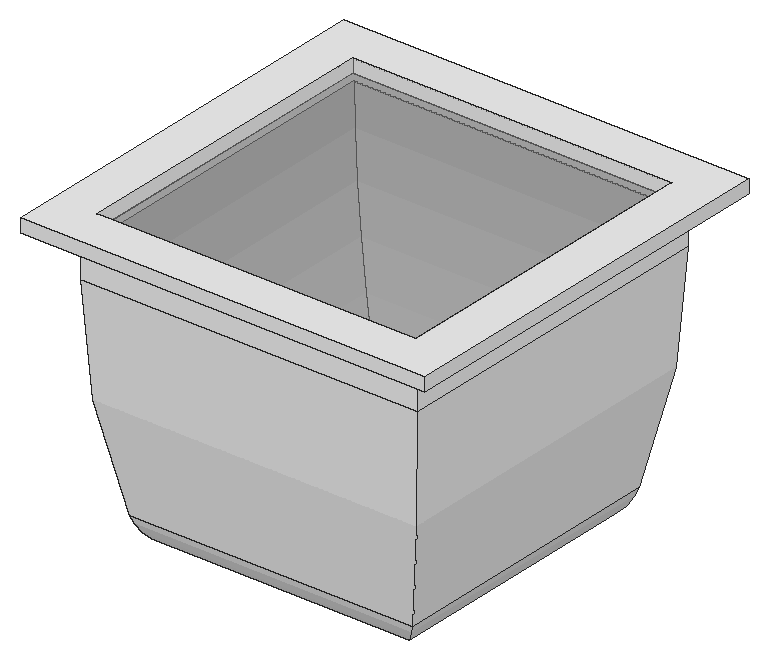
Revit family "3097178 Lighting Fixture_Sylvania_Insaver LED 75 Square White Bezel_Ceiling Recessed", category Lighting Fixtures, host Face, Revit 2017
Family settings
  Host = Face
  Round Connector Dimension = Use Diameter
  Part Type = Normal
  OmniClass Number = 23.80.70.11.17
  OmniClass Title = Specialized Lighting by Location or Use
  Cut with Voids When Loaded = No
  Light Source = Yes
  Shared = No
  Room Calculation Point = No
Parameters (values of type "Insaver 75 LED SQ WW DB WH")
  Width = Length  # 90.0 mm
  Weight = 0.40 kg
  Wattage = 16 W
  built-in parameter 1150110 = 1 (stored number, unit not read)
  Voltage Comments = "UNV (Universal Voltage; 220-240 Volt)"  # constant formula
  Voltage = 240 V  # constant formula
  URL = "http://www.sylvania-lighting.com"
  built-in parameter 1114217 = 1 (stored number, unit not read)
  Tilt Angle = -90.00°  # constant formula
  built-in parameter 1150109 = 1 (stored number, unit not read)
  built-in parameter 1150134 = 12
  built-in parameter 1150113 = 1 (stored number, unit not read)
  Reflector Material = Metal_Sylvania_Insaver 75 LED_Silver
  Product Page URL = "http://www.sylvania-lighting.com/product/en-int/products/3097178"
  Product Family = "Insaver 75 LED Square White Bezel"  # constant formula
  Photometry Comments = ""
  Photometric Web File = "3097104_Insaver75LEDSQWWDBWH-185552.ies"
  built-in parameter 1150105 = 71.149 (stored number, unit not read)
  Lumens = 894.08 lm
  built-in parameter 1150115 = 1 (stored number, unit not read)
  built-in parameter 1150137 = (empty or 0)
  built-in parameter 1150139 = (empty or 0)
  Life = "50 000h"  # constant formula
  Length = 90.0 mm
  built-in parameter 1150112 = 1 (stored number, unit not read)
  built-in parameter 1150114 = 1 (stored number, unit not read)
  built-in parameter 1150132 = 2
  built-in parameter 1150102 = (empty or 0)
  built-in parameter 1150107 = 4000 (stored number, unit not read)
  built-in parameter 1150138 = (empty or 0)
  built-in parameter 1150106 = 0.71149 (stored number, unit not read)
  IK Rating = "IK02"  # constant formula
  Emit from Rectangle Width = Cutout Width - 8.0 mm  # 67.0 mm
  Emit from Rectangle Length = Cutout Length - 8.0 mm  # 67.0 mm
  Emit Shape Visible in Rendering = no
  built-in parameter 1150104 = 5.1914 (stored number, unit not read)
  Drive Current = "350mA"  # constant formula
  Dimming Lamp Color Temperature Shift = <None>
  Cutout Width = Cutout Length  # 75.0 mm
  Cutout Length = Length - 15.0 mm  # 75.0 mm
  Color Filter = 16777215
  CRI ( Ra ) = 80
  Body Material = Aluminum_Sylvania_Insaver 75 LED_White
  Beam Angle = "Wide"  # constant formula
  built-in parameter 1114218 = 1 (stored number, unit not read)
  built-in parameter 1150133 = 10 (stored number, unit not read)
  IP Rating = "IP65"  # constant formula
  Height = 65.0 mm
  Electrical Protection = "CLASS II"  # constant formula
  built-in parameter 1114216 [instance] = 1 (stored number, unit not read)
  Model = "3097104 Insaver 75 LED SQ WW DB WH"
  Manufacturer = "Feilo Sylvania"
  Lamp = "Integrated LED"
  Diffuser Material = Polycarbonate_Sylvania_Insaver 75 LED_Clear
  Description = "16W to 38W LED white downlight. Harnesing the power of Mid Power LEDs. Ideal for applications such as reception areas, offices, general public circulation areas, corridors or and any location that requires long service hours and high switching cycles. Choice of 3,000K warm white or 4,000K neutral white colour temperature. IP44 with accessory. IP65 as standard on Insaver 75. High lumen output - up to 2,922lm. Cost effective product - will help you comply with Building regulations - up to 73lm/W. Available in Low profile as well as well as Low glare versions. Available in DALI versions. Available in Emergency versions. Quick and easy to install. LED technology provides energy efficient solution and reduced maintenance costs and long lifetime. To discover for yourself how much your business can save on its energy bills, simply visit our online Savings Calculator at: www.havells-sylvania.com"  # constant formula
  Default Elevation = 0.0 mm
  built-in parameter 1140040 [instance] = 1
  Assembly Code = "D5020200"
  Apparent Load Comments = ""
  Apparent Load = 16 VA
Types (2, lengths in mm): name | Wattage | built-in parameter 1150134 | Photometric Web File | built-in parameter 1150105 | Lumens | built-in parameter 1150107 | built-in parameter 1150106 | Model
  Insaver 75 LED SQ WW DB WH | 16 W | 12 | "3097104_Insaver75LEDSQWWDBWH-185552.ies" | 71.149 (stored number, unit not read) | 894.08 lm | 4000 (stored number, unit not read) | 0.71149 (stored number, unit not read) | "3097104 Insaver 75 LED SQ WW DB WH"
  Insaver 75 LED SQ HO 16W WW EB WH | 19.1124 W | (empty or 0) | "3097178_Insaver75LEDSQHO16WWWEBWH-98607.ies" | 763.09 (stored number, unit not read) | 1068 lm | 3000 (stored number, unit not read) | 7.6309 (stored number, unit not read) | "3097178 Insaver 75 LED SQ HO 16W WW EB WH"
Reference planes
  plane 1 "Center (Front/Back)": y = 0
  plane 2: z = 0
  plane 3 "Center (Left/Right)": x = 0
  plane 4 "Fixture Left": x = -45
  plane 5 "Fixture Front": y = -45
  plane 6 "Fixture Back": y = 45
  plane 7 "Fixture Right": x = 45
  plane 8: x = -37.5
  plane 9: x = 37.5
  plane 10: y = 37.5
  plane 11: y = -37.5
  plane 12 "Fixture Bottom": z = 3
  plane 13: y = 35.5
  plane 14: y = -35.5
  plane 15: x = 35.5
  plane 16: x = -35.5
  plane 17 "Fixture Top": z = -65
  plane 18: z = -40
  plane 19: x = -13.5
  plane 20: x = 13.5
  plane 21: x = -33.5
  plane 22: x = 33.5
  plane 23: y = 33.5
  plane 24: y = -33.5
  plane 25: y = 13.5
  plane 26: y = -13.5
  plane 27: z = -37.61
  plane 28: z = -63
Forms (mm)
  Extrusion 1, solid, material "Aluminum_Sylvania_Insaver 75 LED_White" <- "Body Material", detail levels fine
    sketch origin (0, 0, 58) x (-1, 0, 0) y (0, -1, 0)
      loop
        line (45, -45) -> (45, 45) -> (-45, 45) -> (-45, -45) -> (45, -45)
      loop
        line (35.5, -35.5) -> (35.5, 35.5) -> (-35.5, 35.5) -> (-35.5, -35.5) -> (35.5, -35.5)
    from -58 to -55
  Sweep 2, solid, material "Metal_Sylvania_Insaver 75 LED_Silver" <- "Reflector Material", detail levels fine
    path origin (0, 0, 58) x (-1, 0, 0) y (0, -1, 0)
      loop
        line (-33.5, -33.5) -> (33.5, -33.5) -> (33.5, 33.5) -> (-33.5, 33.5) -> (-33.5, -33.5)
    profile origin (0, 33.5, 58) x (0, -1, 0) y (0, 0, 1)
      loop
        arc (-2, -58) -> (3.863, -80.825) -> (20, -98) r 47.364
        line (20, -98) -> (20, -95.61)
        arc (20, -95.61) -> (5.311, -79.299) -> (0, -58) r 45.364
        line (0, -58) -> (-2, -58)
  Extrusion 3, solid, material "Metal_Sylvania_Insaver 75 LED_Silver" <- "Reflector Material", detail levels fine
    sketch origin (0, 0, 58) x (-1, 0, 0) y (0, -1, 0)
      loop
        line (13.5, -13.5) -> (13.5, 13.5) -> (-13.5, 13.5) -> (-13.5, -13.5) -> (13.5, -13.5)
    from -98 to -95.61
  Extrusion 4, void
    sketch origin (0, 0, 58) x (-1, 0, 0) y (0, -1, 0)
      loop
        line (37.5, -37.5) -> (37.5, 37.5) -> (-37.5, 37.5) -> (-37.5, -37.5) -> (37.5, -37.5)
    from -123 to -58
  Sweep 5, solid, material "Aluminum_Sylvania_Insaver 75 LED_White" <- "Body Material"
    path origin (0, 0, 58) x (-1, 0, 0) y (0, -1, 0)
      loop
        line (37.5, -37.5) -> (37.5, 37.5) -> (-37.5, 37.5) -> (-37.5, -37.5) -> (37.5, -37.5)
    profile origin (0, 37.5, 58) x (0, 1, 0) y (0, 0, 1)
      loop
        line (-2, -58) -> (-2, -68)
        arc (-2, -68) -> (-3.484, -91.677) -> (-7.914, -114.983) r 189.584
        arc (-7.914, -114.983) -> (-10.758, -119.319) -> (-15.664, -121) r 8
        line (-15.664, -121) -> (-24, -121) -> (-24, -123) -> (-15.664, -123)
        arc (-15.664, -123) -> (-9.532, -120.899) -> (-5.976, -115.478) r 10
        arc (-5.976, -115.478) -> (-1.5, -91.926) -> (0, -68) r 191.584
        line (0, -68) -> (0, -58) -> (-2, -58)
  Extrusion 6, solid, material "Aluminum_Sylvania_Insaver 75 LED_White" <- "Body Material"
    sketch origin (0, 0, 58) x (-1, 0, 0) y (0, -1, 0)
      loop
        line (13.5, -13.5) -> (13.5, 13.5) -> (-13.5, 13.5) -> (-13.5, -13.5) -> (13.5, -13.5)
    from -123 to -121
  Extrusion 7, solid, material "Polycarbonate_Sylvania_Insaver 75 LED_Clear" <- "Diffuser Material", detail levels fine
    sketch origin (0, 0, 58) x (-1, 0, 0) y (0, -1, 0)
      loop
        line (35.5, -35.5) -> (35.5, 35.5) -> (-35.5, 35.5) -> (-35.5, -35.5) -> (35.5, -35.5)
    from -58 to -55
  Extrusion 8, solid, material "Aluminum_Sylvania_Insaver 75 LED_White" <- "Body Material", detail levels coarse+medium
    sketch origin (0, 0, 58) x (-1, 0, 0) y (0, -1, 0)
      loop
        line (45, -45) -> (45, 45) -> (-45, 45) -> (-45, -45) -> (45, -45)
    from -58 to -55
Cuts and joins
  joined: Sweep 2, Extrusion 3
  joined: Sweep 5, Extrusion 6
Dimensions and locks
  equal spacing: plane 4 "Fixture Left", plane 3 "Center (Left/Right)", plane 7 "Fixture Right"
  "Length": plane 4 "Fixture Left" to plane 7 "Fixture Right"
  equal spacing: plane 6 "Fixture Back", plane 1 "Center (Front/Back)", plane 5 "Fixture Front"
  "Width": plane 6 "Fixture Back" to plane 5 "Fixture Front"
  equal spacing: plane 8, plane 3 "Center (Left/Right)", plane 9
  "Cutout Length": plane 8 to plane 9
  equal spacing: plane 10, plane 1 "Center (Front/Back)", plane 11
  "Cutout Width": plane 10 to plane 11
  locked: plane 12 "Fixture Bottom" to plane 2 at 3
  locked: plane 8 to plane 16 at 2
  locked: plane 15 to plane 9 at 2
  locked: plane 10 to plane 13 at 2
  locked: plane 11 to plane 14 at 2
  "Height": plane 2 to plane 17 "Fixture Top"
  locked: plane 13 to plane 23 at 2
  locked: plane 14 to plane 24 at 2
  locked: plane 16 to plane 21 at 2
  locked: plane 22 to plane 15 at 2
  locked: plane 21 to plane 19 at 20
  locked: plane 20 to plane 22 at 20
  locked: plane 23 to plane 25 at 20
  locked: plane 24 to plane 26 at 20
  plane 10 to plane 11 = 75.0 mm
  plane 2 to Sweep 5 sketch curve = 10.0 mm
  locked: plane 28 to plane 17 "Fixture Top" at 2
  locked: Sweep 5 sketch curve to plane 28 at 5.522
  locked: Sweep 5 sketch curve to plane 28 at 6.017
  aligned and locked: host face to plane 2
  aligned and locked: host face to level
  aligned and locked: plane 3 "Center (Left/Right)" to imposter light
  aligned and locked: imposter light to plane 1 "Center (Front/Back)"
  aligned and locked: Extrusion 1 sketch curve to plane 6 "Fixture Back"
  aligned and locked: plane 4 "Fixture Left" to Extrusion 1 sketch curve
  aligned and locked: plane 5 "Fixture Front" to Extrusion 1 sketch curve
  aligned and locked: plane 7 "Fixture Right" to Extrusion 1 sketch curve
  aligned and locked: Extrusion 1 to plane 2
  aligned and locked: plane 12 "Fixture Bottom" to Extrusion 1
  aligned and locked: Extrusion 1 sketch curve to plane 13
  aligned and locked: Extrusion 1 sketch curve to plane 16
  aligned and locked: Extrusion 1 sketch curve to plane 14
  aligned and locked: plane 15 to Extrusion 1 sketch curve
  aligned and locked: plane 23 to Sweep 2 sketch curve
  aligned and locked: plane 22 to Sweep 2 sketch curve
  aligned and locked: plane 24 to Sweep 2 sketch curve
  aligned and locked: Sweep 2 sketch curve to plane 21
  aligned and locked: plane 13 to Sweep 2 sketch curve
  aligned and locked: plane 18 to Sweep 2 sketch curve
  aligned and locked: plane 25 to Sweep 2 sketch curve
  aligned and locked: Sweep 2 sketch curve to plane 2
  aligned and locked: plane 27 to Sweep 2
  aligned and locked: Extrusion 3 sketch curve to plane 20
  aligned and locked: plane 19 to Extrusion 3 sketch curve
  aligned and locked: Extrusion 3 sketch curve to plane 25
  aligned and locked: Extrusion 3 sketch curve to plane 26
  aligned and locked: Extrusion 3 to plane 18
  aligned and locked: plane 27 to Extrusion 3
  aligned and locked: plane 8 to Extrusion 4 sketch curve
  aligned and locked: plane 9 to Extrusion 4 sketch curve
  aligned and locked: Extrusion 4 sketch curve to plane 10
  aligned and locked: Extrusion 4 sketch curve to plane 11
  aligned and locked: Extrusion 4 to plane 17 "Fixture Top"
  aligned and locked: level to Extrusion 4
  aligned and locked: Sweep 5 sketch curve to plane 10
  aligned and locked: plane 8 to Sweep 5 sketch curve
  aligned and locked: Sweep 5 sketch curve to plane 11
  aligned and locked: plane 9 to Sweep 5 sketch curve
  aligned and locked: Sweep 5 sketch curve to plane 2
  aligned and locked: plane 10 to Sweep 5 sketch curve
  aligned and locked: plane 13 to Sweep 5 sketch curve
  aligned and locked: Extrusion 6 sketch curve to plane 20
  aligned and locked: plane 19 to Extrusion 6 sketch curve
  aligned and locked: Extrusion 6 sketch curve to plane 25
  aligned and locked: Extrusion 6 sketch curve to plane 26
  aligned and locked: Extrusion 6 to plane 17 "Fixture Top"
  aligned and locked: plane 28 to Extrusion 6
  aligned and locked: Extrusion 7 sketch curve to plane 16
  aligned and locked: Extrusion 7 sketch curve to plane 13
  aligned and locked: plane 15 to Extrusion 7 sketch curve
  aligned and locked: Extrusion 7 sketch curve to plane 14
  aligned and locked: Extrusion 7 to plane 2
  aligned and locked: plane 12 "Fixture Bottom" to Extrusion 7
  aligned and locked: plane 7 "Fixture Right" to Extrusion 8 sketch curve
  aligned and locked: plane 5 "Fixture Front" to Extrusion 8 sketch curve
  aligned and locked: plane 4 "Fixture Left" to Extrusion 8 sketch curve
  aligned and locked: Extrusion 8 sketch curve to plane 6 "Fixture Back"
  aligned and locked: Extrusion 8 to plane 2
  aligned and locked: plane 12 "Fixture Bottom" to Extrusion 8
  aligned and locked: plane 28 to Sweep 5 sketch curve
  aligned and locked: plane 17 "Fixture Top" to Sweep 5 sketch curve
  aligned and locked: imposter light to plane 12 "Fixture Bottom"
Automatic sketch dimensions
  host sketch curve to host sketch curve = 700.0 mm
  host sketch curve to host sketch curve = 620.0 mm
  Sweep 2 sketch curve to Sweep 2 sketch curve = 0.0 mm
  Sweep 2 sketch curve to profile plane = 0.0 mm
  profile plane to Sweep 5 sketch curve = 24.0 mm
  Sweep 5 sketch curve to Sweep 5 sketch curve = 0.0 mm  (x4)
  Sweep 5 sketch curve to Sweep 5 sketch curve = 1.938 mm
Connectors
  electrical at (0, 0, -65), driven by "Voltage", driven by "Apparent Load"
    settings: on Extrusion 6, index 1, voltage 240 V, apparent load 0 VA, apparent load phase1 16 VA, apparent load phase2 0 VA, apparent load phase3 0 VA, power factor 1, load classification "Lighting", number of poles 1, system type 31, power factor state 1, is connector primary yes, connector utility no, sub classification motor no, connector description ""
